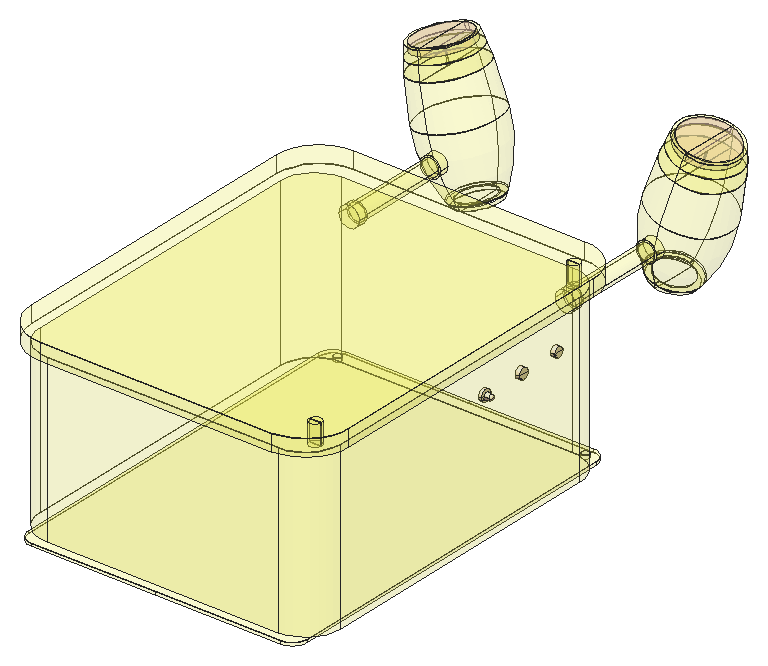
Revit family "EDT6-12-24XX2SEA", category Lighting Fixtures, host Face, Revit 2023
Family settings
  Host = Face
  Round Connector Dimension = Use Diameter
  Part Type = Normal
  Cut with Voids When Loaded = No
  Light Source = Yes
  Maintain Annotation Orientation = No
  Shared = No
  Room Calculation Point = No
Parameters (values of type "EDT6-12-24XX2SEA")
  Wattage Comments = "7W"
  Wattage = 4.35567 W
  built-in parameter 1150110 = 1 (stored number, unit not read)
  Type Image = EDT IMAGE.PNG
  Type Comments = "EMERGENCY UNIT"
  built-in parameter 1114217 = 1 (stored number, unit not read)
  Tilt Angle = 60.00°
  built-in parameter 1150109 = 1 (stored number, unit not read)
  built-in parameter 1150134 = 2
  built-in parameter 1150113 = 1 (stored number, unit not read)
  Photometric Web File = "MR16 LED_7W-12-24V.ies"
  Model = "EDT6-12-24XX2SEA"
  Manufacturer = "BEGHELLI"
  built-in parameter 1150105 = 1119.1 (stored number, unit not read)
  Lumens = 647 lm
  built-in parameter 1150115 = 1 (stored number, unit not read)
  built-in parameter 1150137 = (empty or 0)
  built-in parameter 1150139 = (empty or 0)
  built-in parameter 1150112 = 1 (stored number, unit not read)
  built-in parameter 1150114 = 1 (stored number, unit not read)
  Lamp = "LED"
  built-in parameter 1150132 = 2
  built-in parameter 1150102 = (empty or 0)
  built-in parameter 1150107 = 5000 (stored number, unit not read)
  built-in parameter 1150138 = (empty or 0)
  built-in parameter 1150106 = 11.191 (stored number, unit not read)
  HOUSING MATERIAL = HOUSING MATERIAL BRUSH
  Emit from Line Length = 24.00"
  built-in parameter 1150104 = 13.8 (stored number, unit not read)
  Dimming Lamp Color Temperature Shift = <None>
  Description = "EDT6-12-24XX2SEA"
  Default Elevation = 48.00"
  Color Filter = 16777215
  built-in parameter 1114218 = 1 (stored number, unit not read)
  built-in parameter 1150133 = 10 (stored number, unit not read)
Reference planes (in)
  plane 1 "Center (Front/Back)": y = 0
  plane 2: z = 0
  plane 3 "Center (Left/Right)": x = 0
  plane 4: z = 14
  plane 5: y = 10.78125
  plane 6: y = -5.71875
Dimensions and locks (in)
  plane 5 to plane 6 = 16.50"
  aligned and locked: plane 2 to host face
  aligned and locked: level to host face
  aligned and locked: nested 1 to level
Nested families (in)
  nested 1: "EDT - WALL - CABINET 1 + 2 LAMPS" at (0, 0, -2.03125), type "HZCAS700"
Definition of nested family "EDT - WALL - CABINET 1 + 2 LAMPS"
  Parameters (values of type "HZCAS700")
    SCREW MATERIAL = none
    LETTER MATERIAL = none
    FACE MATERIAL = none
    HOUSING MATERIAL = none
    Default Elevation = 0.00"
  Reference planes (in)
    plane 1 "Center (Front/Back)": y = 0
    plane 2: z = 0
    plane 3 "Center (Left/Right)": x = 0
    plane 4: z = 6
  Dimensions and locks (in)
    aligned and locked: level to plane 2
    aligned and locked: nested 1 to nested 2
  Nested families (in)
    nested 1: "EDT -  CABINET 1" at (0, 0, 0), type "EDT -  CABINET 1"
    nested 2: "EDT - LAMP" at (0, 10.15914, 5.06551), type "EDT - LAMP"
  Definition of nested family "EDT -  CABINET 1"
    Parameters (values of type "EDT -  CABINET 1")
      LENS MATERIAL = none
      HOUSING MATERIAL = none
      Default Elevation = 0.00"
      SCREW MATERIAL = none
    Reference planes (in)
      plane 1 "Center (Front/Back)": y = 0
      plane 2: z = 0
      plane 3 "Center (Left/Right)": x = 0
    Forms (in)
      Extrusion 1, solid, material <- "HOUSING MATERIAL"
        sketch origin (0, -5.71875, 4.75) x (1, 0, 0) y (0, 1, 0)
          loop
            arc (-3.375, 11.4375) -> (-4.25888, 11.07138) -> (-4.625, 10.1875) r 1.25
            line (-4.625, 10.1875) -> (-4.625, 1.25)
            arc (-4.625, 1.25) -> (-4.25888, 0.36612) -> (-3.375, 0) r 1.25
            line (-3.375, 0) -> (3.375, 0)
            arc (3.375, 0) -> (4.25888, 0.36612) -> (4.625, 1.25) r 1.25
            line (4.625, 1.25) -> (4.625, 10.1875)
            arc (4.625, 10.1875) -> (4.25888, 11.07138) -> (3.375, 11.4375) r 1.25
            line (3.375, 11.4375) -> (-3.375, 11.4375)
        from 2.21875 to 2.71875
      Extrusion 2, solid, material <- "HOUSING MATERIAL"
        sketch origin (0, -5.71875, 4.75) x (1, 0, 0) y (0, 1, 0)
          loop
            arc (-3.625, 11.4375) -> (-3.93436, 11.30936) -> (-4.0625, 11) r 0.4375
            line (-4.0625, 11) -> (-4.0625, 0.4375)
            arc (-4.0625, 0.4375) -> (-3.93436, 0.12814) -> (-3.625, 0) r 0.4375
            line (-3.625, 0) -> (0, 0) -> (3.625, 0)
            arc (3.625, 0) -> (3.93436, 0.12814) -> (4.0625, 0.4375) r 0.4375
            line (4.0625, 0.4375) -> (4.0625, 11)
            arc (4.0625, 11) -> (3.93436, 11.30936) -> (3.625, 11.4375) r 0.4375
            line (3.625, 11.4375) -> (0, 11.4375) -> (-3.625, 11.4375)
        from -2.71875 to -2.62487
      Extrusion 3, solid, material <- "HOUSING MATERIAL"
        sketch origin (0, -5.71875, 4.75) x (1, 0, 0) y (0, 1, 0)
          loop
            arc (-3.375, 11) -> (-4.08211, 10.70711) -> (-4.375, 10) r 1
            line (-4.375, 10) -> (-4.375, 1.25)
            arc (-4.375, 1.25) -> (-4.08211, 0.54289) -> (-3.375, 0.25) r 1
            line (-3.375, 0.25) -> (3.375, 0.25)
            arc (3.375, 0.25) -> (4.08211, 0.54289) -> (4.375, 1.25) r 1
            line (4.375, 1.25) -> (4.375, 10)
            arc (4.375, 10) -> (4.08211, 10.70711) -> (3.375, 11) r 1
            line (3.375, 11) -> (-3.375, 11)
        from -2.62487 to 2.21875
      Extrusion 4, void
        sketch origin (0, -5.71875, 4.75) x (1, 0, 0) y (0, 1, 0)
          loop
            circle (3.61711, 11.15775) r 0.11599
        from -2.85808 to -2.47232
      Extrusion 5, void
        sketch origin (0, -5.71875, 4.75) x (-1, 0, 0) y (0, -1, 0)
          loop
            circle (3.61711, -11.15775) r 0.11599
        from -2.85808 to -2.47232
      Extrusion 6, solid, material <- "HOUSING MATERIAL"
        sketch origin (0, -5.71875, 4.75) x (-1, 0, 0) y (0, -1, 0)
          loop
            arc (-4.02628, -10.44639) -> (-3.85483, -10.61784) -> (-3.68338, -10.44639) r 0.17145
            line (-3.68338, -10.44639) -> (-4.02628, -10.44639)
          loop
            line (-4.02628, -10.43129) -> (-3.68338, -10.43129)
            arc (-3.68338, -10.43129) -> (-3.85483, -10.25984) -> (-4.02628, -10.43129) r 0.17145
        from 2.16239 to 2.77793
      Extrusion 7, solid, material <- "HOUSING MATERIAL"
        sketch origin (0, 5.71875, 4.75) x (-1, 0, 0) y (0, -1, 0)
          loop
            line (-4.02628, 10.44639) -> (-3.68338, 10.44639)
            arc (-3.68338, 10.44639) -> (-3.85483, 10.61784) -> (-4.02628, 10.44639) r 0.17145
          loop
            arc (-4.02628, 10.43129) -> (-3.85483, 10.25984) -> (-3.68338, 10.43129) r 0.17145
            line (-3.68338, 10.43129) -> (-4.02628, 10.43129)
        from 2.16239 to 2.77793
      Revolve 8, solid
        sketch origin (0, -5.71875, 6) x (1, 0, 0) y (0, 1, 0)
          loop
            line (4.375, 9.20706) -> (4.375, 9.07342) -> (4.4977, 9.07342) -> (4.4977, 9.20706) -> (4.375, 9.20706)
          axis (4.375, 9.07342) -> (4.4977, 9.07342)
        angle from 0 to 360
      Revolve 9, solid
        sketch origin (0, -7, 6) x (1, 0, 0) y (0, 1, 0)
          loop
            line (4.375, 9.21878) -> (4.375, 9.07342) -> (4.4977, 9.07342) -> (4.4977, 9.21878) -> (4.375, 9.21878)
          axis (4.375, 9.07342) -> (4.4977, 9.07342)
        angle from 0 to 360
      Revolve 10, solid
        sketch origin (0, -8.32497, 6) x (1, 0, 0) y (0, 1, 0)
          loop
            line (4.375, 9.23049) -> (4.375, 9.07342) -> (4.65351, 9.07342)
            arc (4.65351, 9.07342) -> (4.64297, 9.11542) -> (4.60929, 9.14264) r 0.06828
            line (4.60929, 9.14264) -> (4.45863, 9.16921) -> (4.45863, 9.23049) -> (4.375, 9.23049)
          axis (4.375, 9.07342) -> (4.65351, 9.07342)
        angle from 0 to 360
    Cuts and joins
      Extrusion 4 cuts Extrusion 1
      Extrusion 4, Extrusion 5 cuts Extrusion 3
      Extrusion 4, Extrusion 5 cuts Extrusion 2
    Dimensions and locks (in)
      aligned and locked: plane 2 to level
  Definition of nested family "EDT - LAMP"
    Parameters (values of type "EDT - LAMP")
      LENS MATERIAL = none
      HOUSING MATERIAL = none
      Default Elevation = 0.00"
    Reference planes (in)
      plane 1 "Center (Front/Back)": y = 0
      plane 2: z = 0
      plane 3 "Center (Left/Right)": x = 0
      plane 4: x = 3.15625
      plane 5: x = -3.15625
    Forms (in)
      Revolve 1, solid, material <- "HOUSING MATERIAL"
        sketch origin (4.31174, -4.75909, 5.04857) x (0, -1, 0) y (0.258819, 0, 0.965926)
          loop
            arc (-4.15761, -3.55919) -> (-4.19656, -2.93687) -> (-4.2738, -2.31814) r 10.10838
            line (-4.2738, -2.31814) -> (-5.29352, -2.31814) -> (-5.29352, -1.92416) -> (-4.34339, -1.92416)
            arc (-4.34339, -1.92416) -> (-4.37992, -1.74719) -> (-4.41961, -1.5709) r 10.10838
            line (-4.41961, -1.5709) -> (-4.5119, -1.5709) -> (-4.47509, -1.77968) -> (-5.31695, -1.77968) -> (-5.31695, -5.67187) -> (-4.6586, -5.67187)
            arc (-4.6586, -5.67187) -> (-4.6252, -5.60289) -> (-4.59039, -5.5346) r 3.72563
            line (-4.59039, -5.5346) -> (-4.77476, -5.5346) -> (-4.77476, -5.49999) -> (-4.57207, -5.49999)
            arc (-4.57207, -5.49999) -> (-4.23994, -4.55626) -> (-4.15761, -3.55919) r 3.91861
          axis (-5.31695, -5.67187) -> (-5.31695, -1.5709)
        angle from 0 to 360
      Revolve 2, solid, material <- "LENS MATERIAL"
        sketch origin (2.84353, 3.70669, -0.43085) x (0.258819, 0, 0.965926) y (0, -1, 0)
          loop
            line (4.11414, 3.95156) -> (3.89219, 3.9907) -> (3.89219, 3.14883) -> (4.11414, 3.14883) -> (4.11414, 3.95156)
          axis (3.89219, 3.14883) -> (4.11414, 3.14883)
        angle from 0 to 360
      Revolve 3, solid, material <- "HOUSING MATERIAL"
        sketch origin (2.84375, 3.70669, -0.43004) x (0.258819, 0, 0.965926) y (0, -1, 0)
          loop
            line (3.35373, 3.14883) -> (3.74771, 3.14883) -> (3.74771, 4.12239)
            arc (3.74771, 4.12239) -> (3.55088, 4.15808) -> (3.35373, 4.19198) r 22.04314
            line (3.35373, 4.19198) -> (3.35373, 3.14883)
          axis (3.35373, 3.14883) -> (3.74771, 3.14883)
        angle from 0 to 360
      Revolve 4, solid, material <- "HOUSING MATERIAL"
        sketch origin (-4.31174, -4.75909, 5.04857) x (0, -1, 0) y (0.258819, 0, -0.965926)
          loop
            arc (-4.15761, 3.55919) -> (-4.23994, 4.55626) -> (-4.57207, 5.49999) r 3.91861
            line (-4.57207, 5.49999) -> (-4.77476, 5.49999) -> (-4.77476, 5.5346) -> (-4.59039, 5.5346)
            arc (-4.59039, 5.5346) -> (-4.6252, 5.60289) -> (-4.6586, 5.67187) r 3.72563
            line (-4.6586, 5.67187) -> (-5.31695, 5.67187) -> (-5.31695, 1.77968) -> (-4.47509, 1.77968) -> (-4.5119, 1.5709) -> (-4.41961, 1.5709)
            arc (-4.41961, 1.5709) -> (-4.37992, 1.74719) -> (-4.34339, 1.92416) r 10.10838
            line (-4.34339, 1.92416) -> (-5.29352, 1.92416) -> (-5.29352, 2.31814) -> (-4.2738, 2.31814)
            arc (-4.2738, 2.31814) -> (-4.19656, 2.93687) -> (-4.15761, 3.55919) r 10.10838
          axis (-5.31695, 5.67187) -> (-5.31695, 1.5709)
        angle from 0 to 360
      Revolve 5, solid, material <- "LENS MATERIAL"
        sketch origin (-2.84353, 3.70669, -0.43085) x (-0.258819, 0, 0.965926) y (0, 1, 0)
          loop
            line (4.11414, -3.95156) -> (4.11414, -3.14883) -> (3.89219, -3.14883) -> (3.89219, -3.9907) -> (4.11414, -3.95156)
          axis (3.89219, -3.14883) -> (4.11414, -3.14883)
        angle from 0 to 360
      Revolve 6, solid, material <- "HOUSING MATERIAL"
        sketch origin (-2.84375, 3.70669, -0.43004) x (-0.258819, 0, 0.965926) y (0, 1, 0)
          loop
            line (3.35373, -3.14883) -> (3.35373, -4.19198)
            arc (3.35373, -4.19198) -> (3.55088, -4.15808) -> (3.74771, -4.12239) r 22.04314
            line (3.74771, -4.12239) -> (3.74771, -3.14883) -> (3.35373, -3.14883)
          axis (3.35373, -3.14883) -> (3.74771, -3.14883)
        angle from 0 to 360
      Extrusion 7, solid, material <- "HOUSING MATERIAL"
        sketch origin (0, 3.70669, -1.71129) x (-1, 0, 0) y (0, 0, -1)
          loop
            circle (3.15525, -2.64578) r 0.3
        from 1.7869 to 2.06484
      Extrusion 8, solid, material <- "HOUSING MATERIAL"
        sketch origin (0, 3.70669, -1.71129) x (-1, 0, 0) y (0, 0, -1)
          loop
            circle (3.15525, -2.64578) r 0.25
        from -0.88488 to 1.7869
      Extrusion 9, solid, material <- "HOUSING MATERIAL"
        sketch origin (0, 1.50376, -1.71129) x (-1, 0, 0) y (0, 0, 1)
          loop
            circle (3.15525, 2.64578) r 0.3
        from 3.08781 to 3.37413
      Extrusion 10, solid, material <- "HOUSING MATERIAL"
        sketch origin (0, 3.70669, -1.71129) x (1, 0, 0) y (0, 0, 1)
          loop
            circle (3.15525, 2.64578) r 0.3
        from 1.7869 to 2.06484
      Extrusion 11, solid, material <- "HOUSING MATERIAL"
        sketch origin (0, 3.70669, -1.71129) x (1, 0, 0) y (0, 0, 1)
          loop
            circle (3.15525, 2.64578) r 0.25
        from -0.88488 to 1.7869
      Extrusion 12, solid, material <- "HOUSING MATERIAL"
        sketch origin (0, 1.50376, -1.71129) x (1, 0, 0) y (0, 0, -1)
          loop
            circle (3.15525, -2.64578) r 0.3
        from 3.08781 to 3.37413
    Dimensions and locks (in)
      aligned and locked: level to plane 2
      aligned and locked: Extrusion 7 to Extrusion 8
      aligned and locked: Extrusion 11 to Extrusion 10
